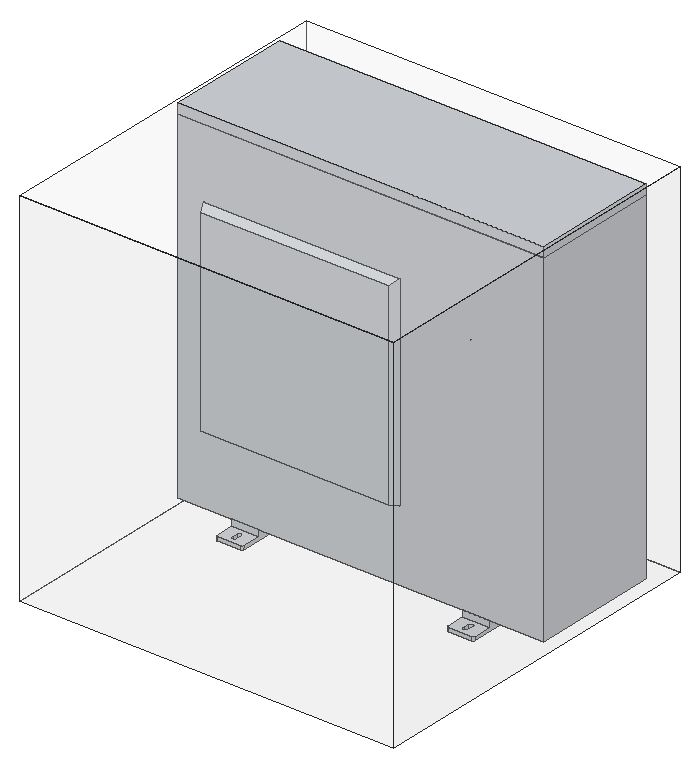
Revit family "puz-zrmp80(s)ha_280ka11_50Hz", category 機械設備, Revit 2019
Family settings
  丸型コネクタ寸法 = 直径を使用
  パーツ タイプ = 標準
  OmniClass 番号 = 23.75.10.24.21.27.27
  OmniClass タイトル = Split System Air Conditioning Units
  作業面ベース = いいえ
  常に垂直 = はい
  ロード時にボイドで切り取り = いいえ
  共有 = いいえ
  部屋計算ポイント = いいえ
Parameters (values of type "PUZ-ZRMP80HA11")
  音響パワーレベル（冷）(dB) = 66
  音響パワーレベル(dB) = 68
  電源種別 = ""
  電源位置Y = 2 mm
  電源位置Z = 669 mm
  電源位置X = 275 mm
  電圧 = 200 V
  電動機出力_送風機 = 0.06 kW
  電動機出力_圧縮機 = 1.6 kW
  集中コントローラ [instance] = ""
  運転質量 = 0.00 kg
  運転方法 = "冷暖切替"
  質量 = if(製品質量 > 運転質量, 製品質量, 運転質量) * 1.2  # 79.20 kg
  負荷分類 = 1_熱源類
  説明 = "空冷H/P PAC インバータ室外機"
  設計暖房能力 [instance] = 0 kW
  設計冷房能力_顕熱 [instance] = 0 kW
  設計冷房能力 [instance] = 0 kW
  設置方法 = "床置形"
  記号 [instance] = ""
  製造元 = "三菱電機株式会社"
  製品質量 = 66.00 kg
  製品出荷対象 = "国内"
  製品リリース年月 = "2021年5月10日"
  製品グループ = ""
  系統 [instance] = ""
  符号 = "PAC"
  積算_科目 = "1 空気調和設備"
  積算_拾い区分 [instance] = ""
  相 = 3
  盤記号 [instance] = ""
  発停方法 = "付属スイッチ"
  特殊仕様 [instance] = ""
  消費電力_暖房 = 1.76 kW
  消費電力_冷房 = 1.68 kW
  消費電力 = if(消費電力_冷房 > 消費電力_暖房, 消費電力_冷房, 消費電力_暖房)  # 1.76 kW
  法定耐用年数 = "6"
  構成品番 = "PUZ-ZRMP80HA"
  極数 = 3
  材質 [instance] = ""
  本体マテリアル = none
  最小電線太さ_mm2 = 1.6
  最大電流値 = 0 A
  暖房能力 = 8 kW
  推奨ブレーカー容量 = 20 A
  据付ピッチ1 = 0 mm
  形式 = "パッケージ形 室外機"
  形名 = PUZ-ZRMP-2 : PUZ-ZRMP-2
  幹線記号 [instance] = ""
  始動方式 = "インバータ始動方式"
  呼称 = "パッケージ形空気調和機_室外機"
  周波数 = 50 Hz
  価格 = 726000
  ドレン　位置Z = 23 mm
  ドレン　位置Y = 111 mm
  ドレン　位置X = 30 mm
  アンカーボルト位置Y = 370 mm
  アンカーボルト位置X = 600 mm
  参照している仕様書等のバージョン = "公共建築物標準仕様書（機械設備工事編）平成31年度版"
  分類コード = "50053003126100"
  分類グループ = ""
  冷房能力 = 7.1 kW
  冷媒管（ガス）位置X = 434 mm
  冷媒管（液）位置X = 377 mm
  冷媒管（液）位置Y = 290 mm
  冷媒管（ガス）位置Y = 229 mm
  冷媒管長 [instance] = 0 mm
  冷媒管径符号 = "Bd"
  冷媒管径 = 100.00 mm
  冷媒管位置Z = 447 mm
  冷媒管位置Y = (冷媒管（液）位置Y + 冷媒管（ガス）位置Y) / 2  # 259.5 mm
  冷媒管位置X = (冷媒管（液）位置X + 冷媒管（ガス）位置X) / 2  # 405.5 mm
  冷媒液管径 = 9.52 mm
  冷媒ガス管径 = 15.88 mm
  企業コード = "108420"
  付属品 [instance] = ""
  仕様書バージョン = "Version1.0"
  ユニット数 = 1
  ユニット3 = yes
  ユニット2 = yes
  Model = ""
  ドレン管径 = 33.00 mm
  サービススペース = yes
  コメント [instance] = ""
  ケーブル種類1 = ""
  Width = 950 mm
  Version = ""
  Uniclass2015Version = "Systems v1.9"
  Uniclass2015Title = "Split coil remote air cooled condensing units"
  Uniclass2015Code = "Pr_70_65_03_84"
  URL = "https://www.mitsubishielectric.co.jp/ldg/wink/ssl/displayProduct.do?pid=311413"
  SpecificationReference = ""
  SpecificationDescription = ""
  Revision = ""
  ProductInformation = ""
  OmniClassCode = "23-33 17 13 11"
  IfcTypeProduct = ""
  IfcProduct = ""
  IfcExportType = "AIRCONDITIONINGUNIT"
  IfcExportAs = "IfcUnitaryEquipmentType"
  Height = 943 mm
  Depth = 330 mm
  Clearance Top = 0 mm
  Clearance Right = 10 mm
  Clearance Left = 10 mm
  Clearance Front = 500 mm
  Clearance Bottom = 0 mm
  Clearance Back = 100 mm
  COP = 0
  Author = "三菱電機株式会社"
  APF = 0
Reference planes
  plane 1 "中心(正面/背面)": y = 74
  plane 2: z = 0
  plane 3 "中心(左/右)": x = 830
  plane 4 "右": x = 1305
  plane 5 "左": x = 355
  plane 6 "背面": y = 239
  plane 7 "正面": y = -91
  plane 8 "上部": z = 943
  plane 9 "Clearanse Top": z = 943
  plane 10 "SS_back": y = 339
  plane 11 "SS_front": y = -591
  plane 12 "SS_left": x = 345
  plane 13 "SS_right": x = 1315
  plane 14: z = 0
  plane 15: y = -89
  plane 16: x = 1105
  plane 17: z = 669
  plane 18: y = -87
  plane 19: y = -20.5
  plane 20: x = 1235.5
  plane 21: z = 447
  plane 22: z = 449
  plane 23: y = 128
  plane 24: x = 385
  plane 25: z = 25
  plane 26: z = 23
  plane 27: x = 530
  plane 28: x = 1130
  plane 29: y = 259
  plane 30: y = -111
Forms (mm)
  Extrusion 1, solid, detail levels fine
    sketch origin (0, -91, 0) x (1, 0, 0) y (0, 0, 1)
      loop
        circle (1105, 669) r 13.5
    from -4 to -2
  Extrusion 2, solid, detail levels fine
    sketch origin (-1437.329, -1524, 54) x (-1, 0, 0) y (0, -1, 0)
      loop
        circle (-2672.829, -1503.5) r 50
    from 393 to 395
  Extrusion 3, solid, detail levels fine
    sketch origin (-1437.329, -1524, 54) x (-1, 0, 0) y (0, -1, 0)
      loop
        circle (-1822.329, -1652) r 16.5
    from -31 to -29
Lines and regions (mm)
  model lines, not visible
    curve 1: line (460, 178.667, 1289.179) -> (460, 297.73, 1289.179)
    curve 2: line (460, 178.667, 1056.056) -> (460, 178.667, 1289.179)
    curve 3: line (460, 297.73, 1056.056) -> (460, 178.667, 1056.056)
    curve 4: line (460, 297.73, 1289.179) -> (460, 297.73, 1056.056)
    curve 5: line (460, 47.598, 1289.179) -> (460, 166.661, 1289.179)
    curve 6: line (460, 47.598, 1056.056) -> (460, 47.598, 1289.179)
    curve 7: line (460, 166.661, 1056.056) -> (460, 47.598, 1056.056)
    curve 8: line (460, 166.661, 1289.179) -> (460, 166.661, 1056.056)
    curve 9: line (460, -83.471, 1289.179) -> (460, 35.592, 1289.179)
    curve 10: line (460, -83.471, 1056.056) -> (460, -83.471, 1289.179)
    curve 11: line (460, 35.592, 1056.056) -> (460, -83.471, 1056.056)
    curve 12: line (460, 35.592, 1289.179) -> (460, 35.592, 1056.056)
    curve 13: line (460, -150.779, 1289.179) -> (460, -95.75, 1289.179)
    curve 14: line (460, -150.779, 1056.056) -> (460, -150.779, 1289.179)
    curve 15: line (460, -95.75, 1056.056) -> (460, -150.779, 1056.056)
    curve 16: line (460, -95.75, 1289.179) -> (460, -95.75, 1056.056)
    curve 17: line (460, -150.779, 1283.175) -> (460, -132.596, 1283.175)
    curve 18: line (460, -150.779, 1062.059) -> (460, -150.779, 1283.175)
    curve 19: line (460, -132.596, 1062.059) -> (460, -150.779, 1062.059)
    curve 20: line (460, -132.596, 1283.175) -> (460, -132.596, 1062.059)
    curve 21: line (460, 178.667, 1046.051) -> (460, 297.73, 1046.051)
    curve 22: line (460, 178.667, 812.928) -> (460, 178.667, 1046.051)
    curve 23: line (460, 297.73, 812.928) -> (460, 178.667, 812.928)
    curve 24: line (460, 297.73, 1046.051) -> (460, 297.73, 812.928)
    curve 25: line (460, 47.598, 1046.051) -> (460, 166.661, 1046.051)
    curve 26: line (460, 47.598, 812.928) -> (460, 47.598, 1046.051)
    curve 27: line (460, 166.661, 812.928) -> (460, 47.598, 812.928)
    curve 28: line (460, 166.661, 1046.051) -> (460, 166.661, 812.928)
    curve 29: line (460, -83.471, 1046.051) -> (460, 35.592, 1046.051)
    curve 30: line (460, -83.471, 812.928) -> (460, -83.471, 1046.051)
    curve 31: line (460, 35.592, 812.928) -> (460, -83.471, 812.928)
    curve 32: line (460, 35.592, 1046.051) -> (460, 35.592, 812.928)
    curve 33: line (460, -150.779, 1046.051) -> (460, -95.75, 1046.051)
    curve 34: line (460, -150.779, 812.928) -> (460, -150.779, 1046.051)
    curve 35: line (460, -95.75, 812.928) -> (460, -150.779, 812.928)
    curve 36: line (460, -95.75, 1046.051) -> (460, -95.75, 812.928)
    curve 37: line (460, -150.779, 1040.048) -> (460, -132.596, 1040.048)
    curve 38: line (460, -150.779, 818.931) -> (460, -150.779, 1040.048)
    curve 39: line (460, -132.596, 818.931) -> (460, -150.779, 818.931)
    curve 40: line (460, -132.596, 1040.048) -> (460, -132.596, 818.931)
    curve 41: line (460, 178.667, 802.923) -> (460, 297.73, 802.923)
    curve 42: line (460, 178.667, 569.8) -> (460, 178.667, 802.923)
    curve 43: line (460, 297.73, 569.8) -> (460, 178.667, 569.8)
    curve 44: line (460, 297.73, 802.923) -> (460, 297.73, 569.8)
    curve 45: line (460, 47.598, 802.923) -> (460, 166.661, 802.923)
    curve 46: line (460, 47.598, 569.8) -> (460, 47.598, 802.923)
    curve 47: line (460, 166.661, 569.8) -> (460, 47.598, 569.8)
    curve 48: line (460, 166.661, 802.923) -> (460, 166.661, 569.8)
    curve 49: line (460, -83.471, 802.923) -> (460, 35.592, 802.923)
    curve 50: line (460, -83.471, 569.8) -> (460, -83.471, 802.923)
    curve 51: line (460, 35.592, 569.8) -> (460, -83.471, 569.8)
    curve 52: line (460, 35.592, 802.923) -> (460, 35.592, 569.8)
    curve 53: line (460, -150.779, 802.923) -> (460, -95.75, 802.923)
    curve 54: line (460, -150.779, 569.8) -> (460, -150.779, 802.923)
    curve 55: line (460, -95.75, 569.8) -> (460, -150.779, 569.8)
    curve 56: line (460, -95.75, 802.923) -> (460, -95.75, 569.8)
    curve 57: line (460, -150.779, 796.92) -> (460, -132.596, 796.92)
    curve 58: line (460, -150.779, 575.803) -> (460, -150.779, 796.92)
    curve 59: line (460, -132.596, 575.803) -> (460, -150.779, 575.803)
    curve 60: line (460, -132.596, 796.92) -> (460, -132.596, 575.803)
    curve 61: line (460, 178.667, 559.795) -> (460, 297.73, 559.795)
    curve 62: line (460, 178.667, 326.672) -> (460, 178.667, 559.795)
    curve 63: line (460, 297.73, 326.672) -> (460, 178.667, 326.672)
    curve 64: line (460, 297.73, 559.795) -> (460, 297.73, 326.672)
    curve 65: line (460, 47.598, 559.795) -> (460, 166.661, 559.795)
    curve 66: line (460, 47.598, 326.672) -> (460, 47.598, 559.795)
    curve 67: line (460, 166.661, 326.672) -> (460, 47.598, 326.672)
    curve 68: line (460, 166.661, 559.795) -> (460, 166.661, 326.672)
    curve 69: line (460, -83.471, 559.795) -> (460, 35.592, 559.795)
    curve 70: line (460, -83.471, 326.672) -> (460, -83.471, 559.795)
    curve 71: line (460, 35.592, 326.672) -> (460, -83.471, 326.672)
    curve 72: line (460, 35.592, 559.795) -> (460, 35.592, 326.672)
    curve 73: line (460, -150.779, 559.795) -> (460, -95.75, 559.795)
    curve 74: line (460, -150.779, 326.672) -> (460, -150.779, 559.795)
    curve 75: line (460, -95.75, 326.672) -> (460, -150.779, 326.672)
    curve 76: line (460, -95.75, 559.795) -> (460, -95.75, 326.672)
    curve 77: line (460, -150.779, 553.792) -> (460, -132.596, 553.792)
    curve 78: line (460, -150.779, 332.675) -> (460, -150.779, 553.792)
    curve 79: line (460, -132.596, 332.675) -> (460, -150.779, 332.675)
    curve 80: line (460, -132.596, 553.792) -> (460, -132.596, 332.675)
    curve 81: line (460, 178.667, 316.667) -> (460, 297.73, 316.667)
    curve 82: line (460, 178.667, 83.544) -> (460, 178.667, 316.667)
    curve 83: line (460, 297.73, 83.544) -> (460, 178.667, 83.544)
    curve 84: line (460, 297.73, 316.667) -> (460, 297.73, 83.544)
    curve 85: line (460, 47.598, 316.667) -> (460, 166.661, 316.667)
    curve 86: line (460, 47.598, 83.544) -> (460, 47.598, 316.667)
    curve 87: line (460, 166.661, 83.544) -> (460, 47.598, 83.544)
    curve 88: line (460, 166.661, 316.667) -> (460, 166.661, 83.544)
    curve 89: line (460, -83.471, 316.667) -> (460, 35.592, 316.667)
    curve 90: line (460, -83.471, 83.544) -> (460, -83.471, 316.667)
    curve 91: line (460, 35.592, 83.544) -> (460, -83.471, 83.544)
    curve 92: line (460, 35.592, 316.667) -> (460, 35.592, 83.544)
    curve 93: line (460, -150.779, 316.667) -> (460, -95.75, 316.667)
    curve 94: line (460, -150.779, 83.544) -> (460, -150.779, 316.667)
    curve 95: line (460, -95.75, 83.544) -> (460, -150.779, 83.544)
    curve 96: line (460, -95.75, 316.667) -> (460, -95.75, 83.544)
    curve 97: line (460, -150.779, 310.664) -> (460, -132.596, 310.664)
    curve 98: line (460, -150.779, 89.547) -> (460, -150.779, 310.664)
    curve 99: line (460, -132.596, 89.547) -> (460, -150.779, 89.547)
    curve 100: line (460, -132.596, 310.664) -> (460, -132.596, 89.547)
Dimensions and locks
  equal spacing: plane 7 "正面", plane 1 "中心(正面/背面)", plane 6 "背面"
  "Depth": plane 7 "正面" to plane 6 "背面"
  "Width": plane 5 "左" to plane 4 "右"
  equal spacing: plane 5 "左", plane 3 "中心(左/右)", plane 4 "右"
  "Clearance Left": plane 12 "SS_left" to plane 5 "左"
  "Clearance Right": plane 4 "右" to plane 13 "SS_right"
  "Clearance Back": plane 6 "背面" to plane 10 "SS_back"
  "Clearance Front": plane 11 "SS_front" to plane 7 "正面"
  "Height": plane 8 "上部" to level
  "Clearance Top": plane 9 "Clearanse Top" to plane 8 "上部"
  "Clearance Bottom": level to plane 14
  "電源位置X": plane 3 "中心(左/右)" to plane 16
  "電源位置Y": plane 7 "正面" to plane 15
  "電源位置Z": plane 17 to level
  locked: plane 15 to plane 18 at 2
  "冷媒管位置X": plane 3 "中心(左/右)" to plane 20
  "冷媒管位置Y": plane 19 to plane 6 "背面"
  "冷媒管位置Z": plane 21 to level
  locked: plane 22 to plane 21 at 2
  "ドレン　位置X": plane 5 "左" to plane 24
  "ドレン　位置Y": plane 23 to plane 6 "背面"
  locked: plane 25 to plane 26 at 2
  "ドレン　位置Z": plane 26 to level
  equal spacing: plane 30, plane 1 "中心(正面/背面)", plane 29
  "アンカーボルト位置Y": plane 30 to plane 29
  equal spacing: plane 27, plane 3 "中心(左/右)", plane 28
  "アンカーボルト位置X": plane 27 to plane 28
  radius of Extrusion 1 sketch curve = 13.5 mm
  "冷媒管径": diameter of Extrusion 2 sketch curve
  "ドレン管径": diameter of Extrusion 3 sketch curve
  aligned and locked: level to plane 2
  aligned and locked: plane 10 "SS_back" to nested 1  (x2)
  aligned and locked: plane 13 "SS_right" to nested 1
  aligned and locked: plane 12 "SS_left" to nested 1  (x2)
  aligned and locked: nested 1 to plane 13 "SS_right"
  aligned and locked: plane 11 "SS_front" to nested 1
  aligned and locked: plane 9 "Clearanse Top" to nested 1
  aligned and locked: plane 1 "中心(正面/背面)" to nested 2
  aligned and locked: plane 3 "中心(左/右)" to nested 2
  aligned and locked: plane 14 to nested 1
  aligned and locked: plane 17 to Extrusion 1 sketch curve
  aligned and locked: plane 16 to Extrusion 1 sketch curve
  aligned and locked: Extrusion 1 to plane 18
  aligned and locked: plane 15 to Extrusion 1
  aligned and locked: plane 19 to Extrusion 2 sketch curve
  aligned and locked: plane 20 to Extrusion 2 sketch curve
  aligned and locked: plane 22 to Extrusion 2
  aligned and locked: Extrusion 2 to plane 21
  aligned and locked: plane 24 to Extrusion 3 sketch curve
  aligned and locked: plane 23 to Extrusion 3 sketch curve
  aligned and locked: plane 25 to Extrusion 3
  aligned and locked: Extrusion 3 to plane 26
  aligned and locked: plane 27 to nested 3
  aligned and locked: plane 29 to nested 3
Nested families
  nested 1: "サービススペース" at (830, -126, 471.5), visible <- "サービススペース", type "サービススペース"
    with Width 970 mm, Height 943 mm, Depth 930 mm
  nested 2: "PUZ-ZRMP-2" at (830, 74, 0), type <- "形名", type "PUZ-ZRMP-2"
  nested 3: "固定点" at (530, -111, 0), type "固定点"
    with W 600 mm, D 370 mm
Connectors
  piping at (1235.5, -20.5, 447), diameter 100, driven by "冷媒管径", driven by "冷媒管径符号"
    settings: on Extrusion 2, index 1, connector inside diameter 609.60 mm, connector length 0 mm, flow factor 0, pipe flow 0.0 L/s, pressure drop 0.0 Pa, fitting loss kfactor 0, connector angle 0.00°, fixture units 0, engagement length 0 mm, angle of deflection 0.00°, flow configuration 1, flow direction 2, fitting loss method 4, system type 7, joint type 0, gender type 0, connector reference index -1, connector utility 0, adjustable connector no, is connector primary yes, connector description "Bd"
  electrical at (1105, -89, 669), driven by "極数", driven by "負荷分類", driven by "電圧", driven by "消費電力"
    settings: on Extrusion 1, index 2, voltage 200 V, apparent load 1760 VA, apparent load phase1 0 VA, apparent load phase2 0 VA, apparent load phase3 0 VA, power factor 1, load classification "1_熱源類", number of poles 3, system type 30, power factor state 1, is connector primary yes, connector utility no, sub classification motor no, connector description ""
Definition of nested family "サービススペース"
  Parameters (values of type "サービススペース")
    Width [instance] = 500 mm
    Height [instance] = 500 mm
    Depth [instance] = 500 mm
  Reference planes
    plane 1 "中心(正面/背面)": y = 0
    plane 2: z = 0
    plane 3 "中心(左/右)": x = 0
    plane 4: y = -250
    plane 5: x = 250
    plane 6: y = 250
    plane 7: x = -250
    plane 8: z = 250
    plane 9: z = -250
  Forms (mm)
    Extrusion 1, solid
      sketch origin (-638.939, 0, 72.39) x (1, 0, 0) y (0, 1, 0)
        loop
          line (388.939, 250) -> (388.939, -250) -> (888.939, -250) -> (888.939, 250) -> (388.939, 250)
      from -322.39 to 177.61
  Lines and regions (mm)
    symbolic lines
      curve 1: line (-250, 0, 250) -> (250, 0, 250)
      curve 2: line (-250, 0, -250) -> (-250, 0, 250)
      curve 3: line (250, 0, -250) -> (-250, 0, -250)
      curve 4: line (250, 0, 250) -> (250, 0, -250)
      curve 5: line (0, -250, 250) -> (0, 250, 250)
      curve 6: line (0, -250, -250) -> (0, -250, 250)
      curve 7: line (0, 250, -250) -> (0, -250, -250)
      curve 8: line (0, 250, 250) -> (0, 250, -250)
      curve 9: line (-250, 250, 0) -> (250, 250, 0)
      curve 10: line (-250, -250, 0) -> (-250, 250, 0)
      curve 11: line (250, -250, 0) -> (-250, -250, 0)
      curve 12: line (250, 250, 0) -> (250, -250, 0)
  Dimensions and locks
    equal spacing: plane 7, plane 3 "中心(左/右)", plane 5
    equal spacing: plane 4, plane 1 "中心(正面/背面)", plane 6
    "Depth": plane 4 to plane 6
    "Width": plane 7 to plane 5
    equal spacing: plane 8, plane 2, plane 9
    "Height": plane 8 to plane 9
    aligned and locked: plane 9 to curve 3
    aligned and locked: plane 7 to curve 2
    aligned and locked: curve 4 to plane 5
    aligned and locked: plane 5 to Extrusion 1
    aligned and locked: Extrusion 1 to plane 7
    aligned and locked: Extrusion 1 to plane 9
    aligned and locked: plane 8 to Extrusion 1
    aligned and locked: plane 9 to curve 7
  Automatic sketch dimensions
    plane 4 to Extrusion 1 sketch curve = 0 mm
    Extrusion 1 sketch curve to plane 7 = 0 mm
    Extrusion 1 sketch curve to plane 5 = 0 mm
    plane 6 to Extrusion 1 sketch curve = 0 mm
    curve 2 to plane 8 = 0 mm
    plane 4 to curve 11 = 0 mm
    curve 11 to plane 7 = 0 mm
    curve 11 to plane 5 = 0 mm
    plane 6 to curve 10 = 0 mm
    curve 7 to plane 4 = 0 mm
    curve 7 to plane 6 = 0 mm
    curve 6 to plane 8 = 0 mm
Definition of nested family "PUZ-ZRMP-2"
  Parameters (values of type "PUZ-ZRMP-2")
    配線取出口サイズ = 27 mm
    配線取出口-Z = 669 mm
    配線取出口-Y = 325 mm
    配線取出口-X = 275 mm
    液配管サイズ = 100 mm
    高さ = 943 mm
    換気-W = 322 mm
    換気-H2 = 632 mm
    換気-H1 = 473 mm
    換気-D = 25 mm
    奥行き = 330 mm
    吊りボルト_H = 0 mm
    吊りボルト-φ = 12 mm
    冷媒配管サイズ = 9.52 mm
    冷媒液管径-Z = 447 mm
    冷媒液管径-Y = 290 mm
    冷媒液管径-X = 377 mm
    冷媒ガス管径-Z = 431 mm
    冷媒ガス管径-Y = 229 mm
    冷媒ガス管径-X = 434 mm
    吊りボルト-W = 600 mm
    マテリアル = none
    ドレン配管サイズ = 33 mm
    ドレン管径-Z = 0 mm
    ドレン管径-Y = 219 mm
    ドレン管径-X = 445 mm
    タイプ3 = no
    タイプ2 = yes
    タイプ1 = no
    ガス配管サイズ = 15.88 mm
    吊りボルト-D = 370 mm
    幅さ = 950 mm
    a = 幅さ / 2  # 475 mm
  Reference planes
    plane 1 "中心(正面/背面)": y = 0
    plane 2: z = 0
    plane 3 "中心(左/右)": x = 0
    plane 4: z = 943
    plane 5: x = -475
    plane 6: x = 475
    plane 7: y = 165
    plane 8: y = -165
    plane 9: x = 537
    plane 10: y = -105
    plane 11: y = 5
    plane 12: z = 918
    plane 13: x = -495
    plane 14: x = -300
    plane 15: x = 300
    plane 16: y = 185
    plane 17: y = -185
    plane 18: x = 335
    plane 19: x = 265
    plane 20: x = -265
    plane 21: x = -335
    plane 22: y = 204
    plane 23: y = -218
    plane 24: z = 8.5
    plane 25: z = 25
    plane 26: z = 23
    plane 27: x = -185
    plane 28: x = 170
    plane 29: z = 938
    plane 30: y = -40
    plane 31: y = 40
    plane 32: y = -30
    plane 33: y = 30
    plane 34: z = 923
    plane 35: z = 55
    plane 36: z = 225
    plane 37: z = 570
    plane 38: x = 485
    plane 39: x = 506
    plane 40: y = -190
    plane 41: x = -153
    plane 42: z = 473
    plane 43: x = 101
    plane 44: x = -407
    plane 45: z = 737
    plane 46: z = 209
    plane 47: x = -397
    plane 48: x = 91
    plane 49: z = 727
    plane 50: z = 219
    plane 51: y = 115
    plane 52: y = -115
    plane 53: y = 54
    plane 54: x = 434
    plane 55: x = 275
    plane 56: y = -160
    plane 57: y = -125
    plane 58: y = -64
    plane 59: x = 377
    plane 60: z = 431
    plane 61: z = 447
    plane 62: z = 669
    plane 63: y = -110
    plane 64: z = 531
    plane 65: z = 547
    plane 66: x = 405.5
    plane 67: y = -94.5
    plane 68 "グループ": x = -475
    plane 69: z = 1338
    plane 70: z = 943
    plane 71: z = 1105
    plane 72: z = 1369
    plane 73: z = 841
    plane 74: z = 1359
    plane 75: z = 851
    plane 76: x = -445
    plane 77: y = 135
    plane 78: x = -225
    plane 79: x = -80
    plane 80: x = 65
    plane 81: x = 210
  Forms (mm)
    Extrusion 1, solid, visible <- "タイプ2", detail levels fine
      sketch origin (-1437.329, -1524, 943) x (-1, 0, 0) y (0, -1, 0)
        loop
          line (-1102.329, -1689) -> (-1102.329, -1359) -> (-1172.329, -1359) -> (-1172.329, -1689) -> (-1102.329, -1689)
        loop
          line (-1702.329, -1689) -> (-1702.329, -1359) -> (-1772.329, -1359) -> (-1772.329, -1689) -> (-1702.329, -1689)
      from -943 to -918
    Extrusion 2, solid, material <- "マテリアル", visible <- "タイプ2", detail levels fine
      sketch origin (-1437.329, -1524, 943) x (-1, 0, 0) y (0, -1, 0)
        loop
          line (-1912.329, -1689) -> (-962.329, -1689) -> (-962.329, -1359) -> (-1912.329, -1359) -> (-1912.329, -1689)
      from -918 to -25
    Extrusion 3, solid, material <- "マテリアル", visible <- "タイプ2", detail levels fine
      sketch origin (-1437.329, -1524, 943) x (-1, 0, 0) y (0, -1, 0)
        loop
          line (-962.329, -1689) -> (-962.329, -1359) -> (-1912.329, -1359) -> (-1912.329, -1689) -> (-962.329, -1689)
      from -25 to 0
    Blend 4, solid, material <- "マテリアル", visible <- "タイプ2", detail levels fine
      base sketch origin (0, 0, 0) x (1, 0, 0) y (0, 0, 1)
        loop
          line (-407, 737) -> (-407, 209) -> (101, 209) -> (101, 737) -> (-407, 737)
      top sketch origin (0, 0, 0) x (1, 0, 0) y (0, 0, 1)
        loop
          line (-397, 727) -> (-397, 219) -> (91, 219) -> (91, 727) -> (-397, 727)
      from 165 to 190
    Extrusion 5, solid, material <- "マテリアル", visible <- "タイプ2", detail levels fine
      sketch origin (-1437.329, -1524, 943) x (-1, 0, 0) y (0, -1, 0)
        loop
          circle (-1871.329, -1460) r 7.94
      from -512 to -412
    Extrusion 6, solid, material <- "マテリアル", visible <- "タイプ2", detail levels fine
      sketch origin (-1437.329, -1524, 943) x (-1, 0, 0) y (0, -1, 0)
        loop
          circle (-1814.329, -1399) r 4.76
      from -496 to -396
    Extrusion 7, solid, material <- "マテリアル", visible <- "タイプ2", detail levels fine
      sketch origin (1480.036, -190, 1200) x (1, 0, 0) y (0, 0, 1)
        loop
          circle (-1205.036, -531) r 13.5
      from -80 to -30
    Extrusion 8, solid, material <- "マテリアル", visible <- "タイプ2", detail levels fine
      sketch origin (-1437.329, -1524, 943) x (-1, 0, 0) y (0, -1, 0)
        loop
          circle (-1842.829, -1429.5) r 50
      from -496 to -396
    Extrusion 9, solid, visible <- "タイプ2", detail levels fine
      sketch origin (-1437.329, -1524, 943) x (-1, 0, 0) y (0, -1, 0)
        loop
          line (-1102.329, -1728) -> (-1102.329, -1689) -> (-1172.329, -1689) -> (-1172.329, -1728) -> (-1143.329, -1728) -> (-1143.329, -1709)
          arc (-1143.329, -1709) -> (-1137.329, -1703) -> (-1131.329, -1709) r 6
          line (-1131.329, -1709) -> (-1131.329, -1728) -> (-1102.329, -1728)
        loop
          line (-1102.329, -1359) -> (-1102.329, -1311)
          arc (-1102.329, -1311) -> (-1103.794, -1307.464) -> (-1107.329, -1306) r 5
          line (-1107.329, -1306) -> (-1167.329, -1306)
          arc (-1167.329, -1306) -> (-1170.865, -1307.464) -> (-1172.329, -1311) r 5
          line (-1172.329, -1311) -> (-1172.329, -1359) -> (-1102.329, -1359)
        loop
          arc (-1143.329, -1339) -> (-1137.329, -1345) -> (-1131.329, -1339) r 6
          line (-1131.329, -1339) -> (-1131.329, -1324)
          arc (-1131.329, -1324) -> (-1137.329, -1318) -> (-1143.329, -1324) r 6
          line (-1143.329, -1324) -> (-1143.329, -1339)
        loop
          line (-1772.329, -1728) -> (-1743.329, -1728) -> (-1743.329, -1709)
          arc (-1743.329, -1709) -> (-1737.329, -1703) -> (-1731.329, -1709) r 6
          line (-1731.329, -1709) -> (-1731.329, -1728) -> (-1702.329, -1728) -> (-1702.329, -1689) -> (-1772.329, -1689) -> (-1772.329, -1728)
        loop
          line (-1772.329, -1359) -> (-1702.329, -1359) -> (-1702.329, -1311)
          arc (-1702.329, -1311) -> (-1703.794, -1307.464) -> (-1707.329, -1306) r 5
          line (-1707.329, -1306) -> (-1767.329, -1306)
          arc (-1767.329, -1306) -> (-1770.865, -1307.464) -> (-1772.329, -1311) r 5
          line (-1772.329, -1311) -> (-1772.329, -1359)
        loop
          line (-1731.329, -1339) -> (-1731.329, -1324)
          arc (-1731.329, -1324) -> (-1737.329, -1318) -> (-1743.329, -1324) r 6
          line (-1743.329, -1324) -> (-1743.329, -1339)
          arc (-1743.329, -1339) -> (-1737.329, -1345) -> (-1731.329, -1339) r 6
      from -943 to -934.5
    Extrusion 10, solid, material <- "マテリアル", visible <- "タイプ2", detail levels fine
      sketch origin (-1437.329, -1524, 943) x (-1, 0, 0) y (0, -1, 0)
        loop
          circle (-992.329, -1578) r 16.5
        loop
          circle (-1212.329, -1659) r 16.5
        loop
          circle (-1357.329, -1659) r 16.5
        loop
          circle (-1502.329, -1659) r 16.5
        loop
          circle (-1647.329, -1659) r 16.5
      from -920 to -918
  Cuts and joins
    joined: Extrusion 1, Extrusion 9
  Lines and regions (mm)
    Masking region 1, visible <- "タイプ2", detail levels coarse+medium
      outline origin (-1437.329, -1524, 943) x (-1, 0, 0) y (0, -1, 0)
        loop
          line (-1912.329, -1689) -> (-1772.329, -1689) -> (-1772.329, -1728) -> (-1702.329, -1728) -> (-1702.329, -1689) -> (-1172.329, -1689) -> (-1172.329, -1728) -> (-1102.329, -1728) -> (-1102.329, -1689) -> (-962.329, -1689) -> (-962.329, -1359) -> (-1030.329, -1359) -> (-1040.329, -1334) -> (-1102.329, -1334) -> (-1102.329, -1306) -> (-1172.329, -1306) -> (-1172.329, -1334) -> (-1528.329, -1334) -> (-1538.329, -1359) -> (-1702.329, -1359) -> (-1702.329, -1306) -> (-1772.329, -1306) -> (-1772.329, -1359) -> (-1912.329, -1359) -> (-1912.329, -1689)
    model lines, visible <- "タイプ2", detail levels fine
      curve 1: line (395, 115, 943) -> (-395, 115, 943)
      curve 2: line (-395, -115, 943) -> (395, -115, 943)
      curve 3: line (-395, -45, 943) -> (395, -45, 943)
      curve 4: line (395, 45, 943) -> (-395, 45, 943)
      curve 5: line (-395, -35, 943) -> (395, -35, 943)
      curve 6: line (395, 35, 943) -> (-395, 35, 943)
      curve 7: line (-395, 115, 943) -> (-395, 45, 943)
      curve 8: line (395, -115, 943) -> (395, -45, 943)
      curve 9: line (-395, 35, 943) -> (-395, -35, 943)
      curve 10: line (-395, -45, 943) -> (-395, -115, 943)
      curve 11: line (395, -35, 943) -> (395, 35, 943)
      curve 12: line (395, 45, 943) -> (395, 115, 943)
      curve 13: line (425, -115, 943) -> (425, 115, 943)
      curve 14: line (410, -115, 943) -> (410, 115, 943)
      curve 15: line (-425, 115, 943) -> (-425, -115, 943)
      curve 16: line (-410, 115, 943) -> (-410, -115, 943)
      curve 17: line (-410, 115, 943) -> (-425, 115, 943)
      curve 18: line (-410, -115, 943) -> (-425, -115, 943)
      curve 19: line (410, 115, 943) -> (425, 115, 943)
      curve 20: line (410, -115, 943) -> (425, -115, 943)
      curve 21: line (-397, -190, 520.5) -> (91, -190, 520.5)
      curve 22: line (91, -190, 425.5) -> (-397, -190, 425.5)
      curve 23: line (-397, -190, 615.5) -> (91, -190, 615.5)
      curve 24: line (-397, -190, 710.5) -> (91, -190, 710.5)
      curve 25: line (91, -190, 330.5) -> (-397, -190, 330.5)
      curve 26: line (91, -190, 235.5) -> (-397, -190, 235.5)
      curve 27: line (-379.571, -190, 727) -> (-379.571, -190, 219)
      curve 28: line (73.571, -190, 219) -> (73.571, -190, 727)
      curve 29: line (-362.143, -190, 727) -> (-362.143, -190, 219)
      curve 30: line (-344.714, -190, 727) -> (-344.714, -190, 219)
      curve 31: line (-327.286, -190, 727) -> (-327.286, -190, 219)
      curve 32: line (-309.857, -190, 727) -> (-309.857, -190, 219)
      curve 33: line (-292.429, -190, 727) -> (-292.429, -190, 219)
      curve 34: line (-275, -190, 727) -> (-275, -190, 219)
      curve 35: line (-257.571, -190, 727) -> (-257.571, -190, 219)
      curve 36: line (-240.143, -190, 727) -> (-240.143, -190, 219)
      curve 37: line (-222.714, -190, 727) -> (-222.714, -190, 219)
      curve 38: line (-205.286, -190, 727) -> (-205.286, -190, 219)
      curve 39: line (-187.857, -190, 727) -> (-187.857, -190, 219)
      curve 40: line (-170.429, -190, 727) -> (-170.429, -190, 219)
      curve 41: line (-153, -190, 727) -> (-153, -190, 219)
      curve 42: line (-135.571, -190, 727) -> (-135.571, -190, 219)
      curve 43: line (-118.143, -190, 727) -> (-118.143, -190, 219)
      curve 44: line (-100.714, -190, 727) -> (-100.714, -190, 219)
      curve 45: line (-83.286, -190, 727) -> (-83.286, -190, 219)
      curve 46: line (-65.857, -190, 727) -> (-65.857, -190, 219)
      curve 47: line (-48.429, -190, 727) -> (-48.429, -190, 219)
      curve 48: line (-31, -190, 727) -> (-31, -190, 219)
      curve 49: line (-13.571, -190, 727) -> (-13.571, -190, 219)
      curve 50: line (3.857, -190, 727) -> (3.857, -190, 219)
      curve 51: line (21.286, -190, 727) -> (21.286, -190, 219)
      curve 52: line (38.714, -190, 727) -> (38.714, -190, 219)
      curve 53: line (56.143, -190, 727) -> (56.143, -190, 219)
      curve 54: line (-475, -100, 33.5) -> (-475, -60, 33.5)
      curve 55: line (-475, -100, 73.5) -> (-475, -100, 33.5)
      curve 56: line (-475, -60, 73.5) -> (-475, -100, 73.5)
      curve 57: line (-475, -60, 33.5) -> (-475, -60, 73.5)
      curve 58: line (-475, 60, 33.5) -> (-475, 100, 33.5)
      curve 59: line (-475, 60, 73.5) -> (-475, 60, 33.5)
      curve 60: line (-475, 100, 73.5) -> (-475, 60, 73.5)
      curve 61: line (-475, 100, 33.5) -> (-475, 100, 73.5)
      curve 62: line (-475, -46.667, 33.5) -> (-475, -6.667, 33.5)
      curve 63: line (-475, -46.667, 73.5) -> (-475, -46.667, 33.5)
      curve 64: line (-475, -6.667, 73.5) -> (-475, -46.667, 73.5)
      curve 65: line (-475, -6.667, 33.5) -> (-475, -6.667, 73.5)
      curve 66: line (-475, 6.667, 33.5) -> (-475, 46.667, 33.5)
      curve 67: line (-475, 6.667, 73.5) -> (-475, 6.667, 33.5)
      curve 68: line (-475, 46.667, 73.5) -> (-475, 6.667, 73.5)
      curve 69: line (-475, 46.667, 33.5) -> (-475, 46.667, 73.5)
      curve 70: line (-475, -100, 87) -> (-475, -60, 87)
      curve 71: line (-475, -100, 277) -> (-475, -100, 87)
      curve 72: line (-475, -60, 277) -> (-475, -100, 277)
      curve 73: line (-475, -60, 87) -> (-475, -60, 277)
      curve 74: line (-475, -100, 292) -> (-475, -60, 292)
      curve 75: line (-475, -100, 482) -> (-475, -100, 292)
      curve 76: line (-475, -60, 482) -> (-475, -100, 482)
      curve 77: line (-475, -60, 292) -> (-475, -60, 482)
      curve 78: line (-475, -100, 497) -> (-475, -60, 497)
      curve 79: line (-475, -100, 687) -> (-475, -100, 497)
      curve 80: line (-475, -60, 687) -> (-475, -100, 687)
      curve 81: line (-475, -60, 497) -> (-475, -60, 687)
      curve 82: line (-475, -100, 702) -> (-475, -60, 702)
      curve 83: line (-475, -100, 892) -> (-475, -100, 702)
      curve 84: line (-475, -60, 892) -> (-475, -100, 892)
      curve 85: line (-475, -60, 702) -> (-475, -60, 892)
      curve 86: line (-475, 60, 87) -> (-475, 100, 87)
      curve 87: line (-475, 60, 277) -> (-475, 60, 87)
      curve 88: line (-475, 100, 277) -> (-475, 60, 277)
      curve 89: line (-475, 100, 87) -> (-475, 100, 277)
      curve 90: line (-475, -46.667, 87) -> (-475, -6.667, 87)
      curve 91: line (-475, -46.667, 277) -> (-475, -46.667, 87)
      curve 92: line (-475, -6.667, 277) -> (-475, -46.667, 277)
      curve 93: line (-475, -6.667, 87) -> (-475, -6.667, 277)
      curve 94: line (-475, 6.667, 87) -> (-475, 46.667, 87)
      curve 95: line (-475, 6.667, 277) -> (-475, 6.667, 87)
      curve 96: line (-475, 46.667, 277) -> (-475, 6.667, 277)
      curve 97: line (-475, 46.667, 87) -> (-475, 46.667, 277)
      curve 98: line (-475, 60, 292) -> (-475, 100, 292)
      curve 99: line (-475, 60, 482) -> (-475, 60, 292)
      curve 100: line (-475, 100, 482) -> (-475, 60, 482)
      curve 101: line (-475, 100, 292) -> (-475, 100, 482)
      curve 102: line (-475, 60, 702) -> (-475, 100, 702)
      curve 103: line (-475, 60, 892) -> (-475, 60, 702)
      curve 104: line (-475, 100, 892) -> (-475, 60, 892)
      curve 105: line (-475, 100, 702) -> (-475, 100, 892)
      curve 106: line (-475, -46.667, 292) -> (-475, -6.667, 292)
      curve 107: line (-475, -46.667, 482) -> (-475, -46.667, 292)
      curve 108: line (-475, -6.667, 482) -> (-475, -46.667, 482)
      curve 109: line (-475, -6.667, 292) -> (-475, -6.667, 482)
      curve 110: line (-475, -46.667, 497) -> (-475, -6.667, 497)
      curve 111: line (-475, -46.667, 687) -> (-475, -46.667, 497)
      curve 112: line (-475, -6.667, 687) -> (-475, -46.667, 687)
      curve 113: line (-475, -6.667, 497) -> (-475, -6.667, 687)
      curve 114: line (-475, -46.667, 702) -> (-475, -6.667, 702)
      curve 115: line (-475, -46.667, 892) -> (-475, -46.667, 702)
      curve 116: line (-475, -6.667, 892) -> (-475, -46.667, 892)
      curve 117: line (-475, -6.667, 702) -> (-475, -6.667, 892)
      curve 118: line (-475, 6.667, 292) -> (-475, 46.667, 292)
      curve 119: line (-475, 6.667, 482) -> (-475, 6.667, 292)
      curve 120: line (-475, 46.667, 482) -> (-475, 6.667, 482)
      curve 121: line (-475, 46.667, 292) -> (-475, 46.667, 482)
      curve 122: line (-475, 6.667, 497) -> (-475, 46.667, 497)
      curve 123: line (-475, 6.667, 687) -> (-475, 6.667, 497)
      curve 124: line (-475, 46.667, 687) -> (-475, 6.667, 687)
      curve 125: line (-475, 46.667, 497) -> (-475, 46.667, 687)
      curve 126: line (-475, 6.667, 702) -> (-475, 46.667, 702)
      curve 127: line (-475, 6.667, 892) -> (-475, 6.667, 702)
      curve 128: line (-475, 46.667, 892) -> (-475, 6.667, 892)
      curve 129: line (-475, 46.667, 702) -> (-475, 46.667, 892)
    model lines, visible <- "タイプ3", not visible
      curve 130: line (-404.5, -100, 907) -> (-404.5, -60, 907)
      curve 131: line (-404.5, -100, 1097) -> (-404.5, -100, 907)
      curve 132: line (-404.5, -60, 1097) -> (-404.5, -100, 1097)
      curve 133: line (-404.5, -60, 907) -> (-404.5, -60, 1097)
      curve 134: line (-404.5, 60, 907) -> (-404.5, 100, 907)
      curve 135: line (-404.5, 60, 1097) -> (-404.5, 60, 907)
      curve 136: line (-404.5, 100, 1097) -> (-404.5, 60, 1097)
      curve 137: line (-404.5, 100, 907) -> (-404.5, 100, 1097)
      curve 138: line (-404.5, -46.667, 907) -> (-404.5, -6.667, 907)
      curve 139: line (-404.5, -46.667, 1097) -> (-404.5, -46.667, 907)
      curve 140: line (-404.5, -6.667, 1097) -> (-404.5, -46.667, 1097)
      curve 141: line (-404.5, -6.667, 907) -> (-404.5, -6.667, 1097)
      curve 142: line (-404.5, 6.667, 907) -> (-404.5, 46.667, 907)
      curve 143: line (-404.5, 6.667, 1097) -> (-404.5, 6.667, 907)
      curve 144: line (-404.5, 46.667, 1097) -> (-404.5, 6.667, 1097)
      curve 145: line (-404.5, 46.667, 907) -> (-404.5, 46.667, 1097)
      curve 146: line (-404.5, -100, 1112) -> (-404.5, -60, 1112)
      curve 147: line (-404.5, -100, 1302) -> (-404.5, -100, 1112)
      curve 148: line (-404.5, -60, 1302) -> (-404.5, -100, 1302)
      curve 149: line (-404.5, -60, 1112) -> (-404.5, -60, 1302)
      curve 150: line (-404.5, 60, 1112) -> (-404.5, 100, 1112)
      curve 151: line (-404.5, 60, 1302) -> (-404.5, 60, 1112)
      curve 152: line (-404.5, 100, 1302) -> (-404.5, 60, 1302)
      curve 153: line (-404.5, 100, 1112) -> (-404.5, 100, 1302)
      curve 154: line (-404.5, -46.667, 1112) -> (-404.5, -6.667, 1112)
      curve 155: line (-404.5, -46.667, 1302) -> (-404.5, -46.667, 1112)
      curve 156: line (-404.5, -6.667, 1302) -> (-404.5, -46.667, 1302)
      curve 157: line (-404.5, -6.667, 1112) -> (-404.5, -6.667, 1302)
      curve 158: line (-404.5, 6.667, 1112) -> (-404.5, 46.667, 1112)
      curve 159: line (-404.5, 6.667, 1302) -> (-404.5, 6.667, 1112)
      curve 160: line (-404.5, 46.667, 1302) -> (-404.5, 6.667, 1302)
      curve 161: line (-404.5, 46.667, 1112) -> (-404.5, 46.667, 1302)
    model lines, visible <- "タイプ2", not visible
      curve 162: line (-600, -100, 33.5) -> (-600, -60, 33.5)
      curve 163: line (-600, -100, 73.5) -> (-600, -100, 33.5)
      curve 164: line (-600, -60, 73.5) -> (-600, -100, 73.5)
      curve 165: line (-600, -60, 33.5) -> (-600, -60, 73.5)
      curve 166: line (-600, 60, 33.5) -> (-600, 100, 33.5)
      curve 167: line (-600, 60, 73.5) -> (-600, 60, 33.5)
      curve 168: line (-600, 100, 73.5) -> (-600, 60, 73.5)
      curve 169: line (-600, 100, 33.5) -> (-600, 100, 73.5)
      curve 170: line (-509, -46.667, 33.5) -> (-509, -6.667, 33.5)
      curve 171: line (-509, -46.667, 73.5) -> (-509, -46.667, 33.5)
      curve 172: line (-509, -6.667, 73.5) -> (-509, -46.667, 73.5)
      curve 173: line (-509, -6.667, 33.5) -> (-509, -6.667, 73.5)
      curve 174: line (-509, 6.667, 33.5) -> (-509, 46.667, 33.5)
      curve 175: line (-509, 6.667, 73.5) -> (-509, 6.667, 33.5)
      curve 176: line (-509, 46.667, 73.5) -> (-509, 6.667, 73.5)
      curve 177: line (-509, 46.667, 33.5) -> (-509, 46.667, 73.5)
    model lines, visible <- "タイプ2", not visible, detail levels fine
      curve 178: line (-475, -100, 87) -> (-475, -60, 87)
      curve 179: line (-475, -100, 277) -> (-475, -100, 87)
      curve 180: line (-475, -60, 277) -> (-475, -100, 277)
      curve 181: line (-475, -60, 87) -> (-475, -60, 277)
      curve 182: line (-475, -100, 292) -> (-475, -60, 292)
      curve 183: line (-475, -100, 482) -> (-475, -100, 292)
      curve 184: line (-475, -60, 482) -> (-475, -100, 482)
      curve 185: line (-475, -60, 292) -> (-475, -60, 482)
      curve 186: line (-475, -100, 497) -> (-475, -60, 497)
      curve 187: line (-475, -100, 687) -> (-475, -100, 497)
      curve 188: line (-475, -60, 687) -> (-475, -100, 687)
      curve 189: line (-475, -60, 497) -> (-475, -60, 687)
      curve 190: line (-475, -100, 702) -> (-475, -60, 702)
      curve 191: line (-475, -100, 892) -> (-475, -100, 702)
      curve 192: line (-475, -60, 892) -> (-475, -100, 892)
      curve 193: line (-475, -60, 702) -> (-475, -60, 892)
      curve 194: line (-475, 60, 87) -> (-475, 100, 87)
      curve 195: line (-475, 60, 277) -> (-475, 60, 87)
      curve 196: line (-475, 100, 277) -> (-475, 60, 277)
      curve 197: line (-475, 100, 87) -> (-475, 100, 277)
      curve 198: line (-475, -46.667, 87) -> (-475, -6.667, 87)
      curve 199: line (-475, -46.667, 277) -> (-475, -46.667, 87)
      curve 200: line (-475, -6.667, 277) -> (-475, -46.667, 277)
      curve 201: line (-475, -6.667, 87) -> (-475, -6.667, 277)
      curve 202: line (-475, 6.667, 87) -> (-475, 46.667, 87)
      curve 203: line (-475, 6.667, 277) -> (-475, 6.667, 87)
      curve 204: line (-475, 46.667, 277) -> (-475, 6.667, 277)
      curve 205: line (-475, 46.667, 87) -> (-475, 46.667, 277)
      curve 206: line (-475, 60, 292) -> (-475, 100, 292)
      curve 207: line (-475, 60, 482) -> (-475, 60, 292)
      curve 208: line (-475, 100, 482) -> (-475, 60, 482)
      curve 209: line (-475, 100, 292) -> (-475, 100, 482)
      curve 210: line (-475, 60, 702) -> (-475, 100, 702)
      curve 211: line (-475, 60, 892) -> (-475, 60, 702)
      curve 212: line (-475, 100, 892) -> (-475, 60, 892)
      curve 213: line (-475, 100, 702) -> (-475, 100, 892)
      curve 214: line (-475, -46.667, 292) -> (-475, -6.667, 292)
      curve 215: line (-475, -46.667, 482) -> (-475, -46.667, 292)
      curve 216: line (-475, -6.667, 482) -> (-475, -46.667, 482)
      curve 217: line (-475, -6.667, 292) -> (-475, -6.667, 482)
      curve 218: line (-475, -46.667, 497) -> (-475, -6.667, 497)
      curve 219: line (-475, -46.667, 687) -> (-475, -46.667, 497)
      curve 220: line (-475, -6.667, 687) -> (-475, -46.667, 687)
      curve 221: line (-475, -6.667, 497) -> (-475, -6.667, 687)
      curve 222: line (-475, -46.667, 702) -> (-475, -6.667, 702)
      curve 223: line (-475, -46.667, 892) -> (-475, -46.667, 702)
      curve 224: line (-475, -6.667, 892) -> (-475, -46.667, 892)
      curve 225: line (-475, -6.667, 702) -> (-475, -6.667, 892)
      curve 226: line (-475, 6.667, 292) -> (-475, 46.667, 292)
      curve 227: line (-475, 6.667, 482) -> (-475, 6.667, 292)
      curve 228: line (-475, 46.667, 482) -> (-475, 6.667, 482)
      curve 229: line (-475, 46.667, 292) -> (-475, 46.667, 482)
      curve 230: line (-475, 6.667, 497) -> (-475, 46.667, 497)
      curve 231: line (-475, 6.667, 687) -> (-475, 6.667, 497)
      curve 232: line (-475, 46.667, 687) -> (-475, 6.667, 687)
      curve 233: line (-475, 46.667, 497) -> (-475, 46.667, 687)
      curve 234: line (-475, 6.667, 702) -> (-475, 46.667, 702)
      curve 235: line (-475, 6.667, 892) -> (-475, 6.667, 702)
      curve 236: line (-475, 46.667, 892) -> (-475, 6.667, 892)
      curve 237: line (-475, 46.667, 702) -> (-475, 46.667, 892)
      curve 271: line (-475, -100, 33.5) -> (-475, -60, 33.5)
      curve 272: line (-475, -100, 73.5) -> (-475, -100, 33.5)
      curve 273: line (-475, -60, 73.5) -> (-475, -100, 73.5)
      curve 274: line (-475, -60, 33.5) -> (-475, -60, 73.5)
      curve 275: line (-475, 60, 33.5) -> (-475, 100, 33.5)
      curve 276: line (-475, 60, 73.5) -> (-475, 60, 33.5)
      curve 277: line (-475, 100, 73.5) -> (-475, 60, 73.5)
      curve 278: line (-475, 100, 33.5) -> (-475, 100, 73.5)
      curve 279: line (-475, -46.667, 33.5) -> (-475, -6.667, 33.5)
      curve 280: line (-475, -46.667, 73.5) -> (-475, -46.667, 33.5)
      curve 281: line (-475, -6.667, 73.5) -> (-475, -46.667, 73.5)
      curve 282: line (-475, -6.667, 33.5) -> (-475, -6.667, 73.5)
      curve 283: line (-475, 6.667, 33.5) -> (-475, 46.667, 33.5)
      curve 284: line (-475, 6.667, 73.5) -> (-475, 6.667, 33.5)
      curve 285: line (-475, 46.667, 73.5) -> (-475, 6.667, 73.5)
      curve 286: line (-475, 46.667, 33.5) -> (-475, 46.667, 73.5)
    model lines, not visible
      curve 238: line (-338.5, -173.2, 372.5) -> (149.5, -173.2, 372.5)
      curve 239: line (149.5, -173.2, 277.5) -> (-338.5, -173.2, 277.5)
      curve 240: line (-338.5, -173.2, 467.5) -> (149.5, -173.2, 467.5)
      curve 241: line (-338.5, -173.2, 562.5) -> (149.5, -173.2, 562.5)
      curve 242: line (149.5, -173.2, 182.5) -> (-338.5, -173.2, 182.5)
      curve 243: line (149.5, -173.2, 87.5) -> (-338.5, -173.2, 87.5)
      curve 244: line (-321.071, -173.2, 579) -> (-321.071, -173.2, 71)
      curve 245: line (132.071, -173.2, 71) -> (132.071, -173.2, 579)
      curve 246: line (-303.643, -173.2, 579) -> (-303.643, -173.2, 71)
      curve 247: line (-286.214, -173.2, 579) -> (-286.214, -173.2, 71)
      curve 248: line (-268.786, -173.2, 579) -> (-268.786, -173.2, 71)
      curve 249: line (-251.357, -173.2, 579) -> (-251.357, -173.2, 71)
      curve 250: line (-233.929, -173.2, 579) -> (-233.929, -173.2, 71)
      curve 251: line (-216.5, -173.2, 579) -> (-216.5, -173.2, 71)
      curve 252: line (-199.071, -173.2, 579) -> (-199.071, -173.2, 71)
      curve 253: line (-181.643, -173.2, 579) -> (-181.643, -173.2, 71)
      curve 254: line (-164.214, -173.2, 579) -> (-164.214, -173.2, 71)
      curve 255: line (-146.786, -173.2, 579) -> (-146.786, -173.2, 71)
      curve 256: line (-129.357, -173.2, 579) -> (-129.357, -173.2, 71)
      curve 257: line (-111.929, -173.2, 579) -> (-111.929, -173.2, 71)
      curve 258: line (-94.5, -173.2, 579) -> (-94.5, -173.2, 71)
      curve 259: line (-77.071, -173.2, 579) -> (-77.071, -173.2, 71)
      curve 260: line (-59.643, -173.2, 579) -> (-59.643, -173.2, 71)
      curve 261: line (-42.214, -173.2, 579) -> (-42.214, -173.2, 71)
      curve 262: line (-24.786, -173.2, 579) -> (-24.786, -173.2, 71)
      curve 263: line (-7.357, -173.2, 579) -> (-7.357, -173.2, 71)
      curve 264: line (10.071, -173.2, 579) -> (10.071, -173.2, 71)
      curve 265: line (27.5, -173.2, 579) -> (27.5, -173.2, 71)
      curve 266: line (44.929, -173.2, 579) -> (44.929, -173.2, 71)
      curve 267: line (62.357, -173.2, 579) -> (62.357, -173.2, 71)
      curve 268: line (79.786, -173.2, 579) -> (79.786, -173.2, 71)
      curve 269: line (97.214, -173.2, 579) -> (97.214, -173.2, 71)
      curve 270: line (114.643, -173.2, 579) -> (114.643, -173.2, 71)
    symbolic lines, visible <- "タイプ2"
      curve 287: line (-351.899, 165, 943) -> (-475, 165, 943)
      curve 288: line (-475, 165, 943) -> (-475, -165, 943)
      curve 289: line (-475, -165, 943) -> (-374.191, -165, 943)
      curve 290: line (-407, -165, 943) -> (-397, -190, 943)
      curve 291: line (-397, -190, 943) -> (-346.98, -190, 943)
      curve 292: line (-335, -190, 943) -> (-335, -218, 943)
      curve 293: line (-335, -218, 943) -> (-265, -218, 943)
      curve 294: line (-265, -218, 943) -> (-265, -190, 943)
      curve 295: line (-346.98, -190, 943) -> (91, -190, 943)
      curve 296: line (91, -190, 943) -> (101, -165, 943)
      curve 297: line (-374.191, -165, 943) -> (302.486, -165, 943)
      curve 298: line (265, -165, 943) -> (265, -218, 943)
      curve 299: line (265, -218, 943) -> (335, -218, 943)
      curve 300: line (335, -218, 943) -> (335, -165, 943)
      curve 301: line (302.486, -165, 943) -> (475, -165, 943)
      curve 302: line (475, -165, 943) -> (475, 165, 943)
      curve 303: line (475, 165, 943) -> (359.548, 165, 943)
      curve 304: line (335, 165, 943) -> (335, 204, 943)
      curve 305: line (335, 204, 943) -> (265, 204, 943)
      curve 306: line (265, 204, 943) -> (265, 165, 943)
      curve 307: line (359.548, 165, 943) -> (-351.899, 165, 943)
      curve 308: line (-265, 165, 943) -> (-265, 204, 943)
      curve 309: line (-265, 204, 943) -> (-335, 204, 943)
      curve 310: line (-335, 204, 943) -> (-335, 165, 943)
      curve 311: line (-395, 115, 943) -> (395, 115, 943)
      curve 312: line (-395, 45, 943) -> (-395, 115, 943)
      curve 313: line (395, 45, 943) -> (-395, 45, 943)
      curve 314: line (395, 115, 943) -> (395, 45, 943)
      curve 315: line (410, 115, 943) -> (425, 115, 943)
      curve 316: line (410, -115, 943) -> (410, 115, 943)
      curve 317: line (425, -115, 943) -> (410, -115, 943)
      curve 318: line (425, 115, 943) -> (425, -115, 943)
      curve 319: line (395, -35, 943) -> (-395, -35, 943)
      curve 320: line (395, 35, 943) -> (395, -35, 943)
      curve 321: line (-395, 35, 943) -> (395, 35, 943)
      curve 322: line (-395, -35, 943) -> (-395, 35, 943)
      curve 323: line (-425, 115, 943) -> (-410, 115, 943)
      curve 324: line (-425, -115, 943) -> (-425, 115, 943)
      curve 325: line (-410, -115, 943) -> (-425, -115, 943)
      curve 326: line (-410, 115, 943) -> (-410, -115, 943)
      curve 327: line (-395, -45, 943) -> (395, -45, 943)
      curve 328: line (-395, -115, 943) -> (-395, -45, 943)
      curve 329: line (395, -115, 943) -> (-395, -115, 943)
      curve 330: line (395, -45, 943) -> (395, -115, 943)
  Dimensions and locks
    equal spacing: plane 8, plane 1 "中心(正面/背面)", plane 7
    "奥行き": plane 8 to plane 7
    equal spacing: plane 5, plane 3 "中心(左/右)", plane 6
    "幅さ": plane 5 to plane 6
    "高さ": plane 4 to level
    locked: plane 6 to plane 9 at 62
    locked: plane 8 to plane 10 at 60
    locked: plane 8 to plane 11 at 170
    locked: plane 4 to plane 12 at 25
    locked: plane 13 to plane 5 at 20
    "吊りボルト-D": plane 17 to plane 16
    equal spacing: plane 17, plane 1 "中心(正面/背面)", plane 16
    equal spacing: plane 14, plane 3 "中心(左/右)", plane 15
    "吊りボルト-W": plane 14 to plane 15
    plane 19 to plane 15 to plane 18 = 35 mm locked, 35 mm locked
    locked: plane 16 to plane 22 at 19
    locked: plane 23 to plane 17 at 33
    locked: plane 24 to level at 8.5
    plane 25 to level = 25 mm
    locked: plane 4 to plane 29 at 5
    plane 7 to plane 1 "中心(正面/背面)" to plane 8 = 165 mm, 165 mm
    plane 31 to plane 1 "中心(正面/背面)" to plane 30 = 40 mm, 40 mm
    plane 33 to plane 1 "中心(正面/背面)" to plane 32 = 30 mm, 30 mm
    locked: plane 34 to plane 12 at 5
    locked: plane 35 to level at 55
    locked: plane 36 to level at 225
    equal spacing: plane 6, plane 39, plane 9
    locked: plane 6 to plane 38 at 10
    locked: plane 28 to plane 19 at 95
    "換気-D": plane 40 to plane 8
    "換気-W": plane 41 to plane 5
    "換気-H1": plane 42 to level
    plane 43 to plane 41 to plane 44 = 254 mm locked, 254 mm locked
    plane 45 to plane 42 to plane 46 = 264 mm locked, 264 mm locked
    locked: plane 43 to plane 48 at 10
    locked: plane 47 to plane 44 at 10
    locked: plane 45 to plane 49 at 10
    locked: plane 50 to plane 46 at 10
    locked: curve 26 to plane 50 at 16.5
    locked: plane 49 to curve 24 at 16.5
    equal spacing: curve 24, curve 23, curve 21, curve 22, curve 25, curve 26
    equal spacing: plane 48, curve 28, curve 53, curve 52, curve 51, curve 50, curve 49, curve 48, curve 47, curve 46, curve 45, curve 44, curve 43, curve 42, curve 41, curve 40, curve 39, curve 38, curve 37, curve 36, curve 35, curve 34, curve 33, curve 32, curve 31, curve 30, curve 29, curve 27, plane 47
    locked: curve 4 to curve 6 at 10
    locked: curve 3 to curve 5 at 10
    locked: plane 51 to plane 7 at 50
    locked: plane 8 to plane 52 at 50
    "ドレン管径-Y": plane 8 to plane 53
    "配線取出口-Y": plane 56 to plane 7
    "冷媒液管径-Y": plane 57 to plane 7
    "冷媒ガス管径-Y": plane 58 to plane 7
    "配線取出口-X": plane 3 "中心(左/右)" to plane 55
    "冷媒ガス管径-X": plane 3 "中心(左/右)" to plane 54
    "冷媒液管径-X": plane 3 "中心(左/右)" to plane 59
    "冷媒液管径-Z": plane 61 to level
    "冷媒ガス管径-Z": plane 60 to level
    "配線取出口-Z": plane 62 to level
    locked: plane 56 to plane 63 at 50
    locked: plane 64 to plane 60 at 100
    locked: plane 65 to plane 61 at 100
    equal spacing: plane 59, plane 66, plane 54
    equal spacing: plane 57, plane 67, plane 58
    "a": plane 68 "グループ" to plane 3 "中心(左/右)"
    plane 70 to level = 943 mm
    plane 69 to level = 1338 mm
    locked: plane 37 to level at 570
    curve 21 to plane 42 to curve 22 = 47.5 mm locked, 47.5 mm locked
    "換気-H2": plane 71 to plane 42
    plane 72 to plane 71 to plane 73 = 264 mm locked, 264 mm locked
    locked: plane 75 to plane 73 at 10
    locked: plane 72 to plane 74 at 10
    plane 48 to plane 47 = 488 mm
    locked: plane 25 to plane 26 at 2
    "ドレン管径-X": plane 76 to plane 3 "中心(左/右)"
    locked: plane 14 to plane 20 at 35
    locked: plane 21 to plane 14 at 35
    plane 76 to plane 78 to plane 79 to plane 80 to plane 81 = 220 mm locked, 145 mm locked, 145 mm locked, 145 mm locked
    locked: plane 53 to plane 77 at 81
    "ガス配管サイズ": diameter of Extrusion 5 sketch curve
    "冷媒配管サイズ": diameter of Extrusion 6 sketch curve
    "配線取出口サイズ": diameter of Extrusion 7 sketch curve
    "液配管サイズ": diameter of Extrusion 8 sketch curve
    "ドレン配管サイズ": diameter of Extrusion 10 sketch curve  (x5)
    aligned and locked: level to plane 2
    aligned and locked: Extrusion 1 to level
    aligned and locked: plane 25 to Extrusion 1
    aligned and locked: Extrusion 2 sketch curve to plane 7
    aligned and locked: Extrusion 2 sketch curve to plane 8
    aligned and locked: Extrusion 2 sketch curve to plane 5
    aligned and locked: Extrusion 2 sketch curve to plane 6
    aligned and locked: Extrusion 2 to plane 25
    aligned and locked: plane 12 to Extrusion 2
    aligned and locked: Extrusion 3 sketch curve to Extrusion 2  (x4)
    aligned and locked: Extrusion 3 to plane 12
    aligned and locked: plane 4 to Extrusion 3
    aligned and locked: Blend 4 sketch curve to plane 45
    aligned and locked: Blend 4 sketch curve to plane 46
    aligned and locked: Blend 4 sketch curve to plane 44
    aligned and locked: Blend 4 sketch curve to plane 43
    aligned and locked: Blend 4 sketch curve to plane 49
    aligned and locked: Blend 4 sketch curve to plane 47
    aligned and locked: Blend 4 sketch curve to plane 48
    aligned and locked: Blend 4 sketch curve to plane 50
    aligned and locked: Blend 4 to plane 8
    aligned and locked: plane 40 to Blend 4
    aligned and locked: curve 17 to plane 51
    aligned and locked: curve 1 to plane 51
    aligned and locked: plane 51 to curve 19
    aligned and locked: curve 18 to plane 52
    aligned and locked: plane 52 to curve 20
    aligned and locked: plane 58 to Extrusion 5 sketch curve
    aligned and locked: plane 54 to Extrusion 5 sketch curve
    aligned and locked: plane 59 to Extrusion 6 sketch curve
    aligned and locked: plane 57 to Extrusion 6 sketch curve
    aligned and locked: plane 62 to Extrusion 7 sketch curve
    aligned and locked: plane 55 to Extrusion 7 sketch curve
    aligned and locked: plane 56 to Extrusion 7
    aligned and locked: Extrusion 7 to plane 63
    aligned and locked: plane 65 to Extrusion 6
    aligned and locked: plane 64 to Extrusion 5
    aligned and locked: Extrusion 6 to plane 61
    aligned and locked: Extrusion 5 to plane 60
    aligned and locked: plane 67 to Extrusion 8 sketch curve
    aligned and locked: plane 66 to Extrusion 8 sketch curve
    aligned and locked: Extrusion 8 to plane 61
    aligned and locked: plane 65 to Extrusion 8
    aligned and locked: plane 22 to Extrusion 9 sketch curve
    aligned and locked: plane 21 to Extrusion 9 sketch curve
    aligned and locked: Extrusion 9 sketch curve to Extrusion 1  (x4)
    aligned and locked: Extrusion 9 sketch curve to plane 23
    aligned and locked: Extrusion 9 sketch curve to plane 20
    aligned and locked: plane 24 to Extrusion 9
    aligned and locked: Extrusion 9 to level
    aligned and locked: plane 25 to Extrusion 10
    aligned and locked: Extrusion 10 to plane 26
    aligned and locked: Masking region 1 sketch curve to Extrusion 3  (x4)
    aligned and locked: Masking region 1 sketch curve to Extrusion 9  (x11)
    aligned and locked: Masking region 1 sketch curve to Blend 4  (x3)
    aligned and locked: Extrusion 9 to Masking region 1 sketch curve
    aligned and locked: plane 76 to Extrusion 10 sketch curve
    aligned and locked: plane 53 to Extrusion 10 sketch curve
    aligned and locked: plane 78 to Extrusion 10 sketch curve
    aligned and locked: plane 79 to Extrusion 10 sketch curve
    aligned and locked: plane 77 to Extrusion 10 sketch curve  (x4)
    aligned and locked: plane 81 to Extrusion 10 sketch curve
    aligned and locked: plane 80 to Extrusion 10 sketch curve
  Automatic sketch dimensions
    plane 7 to Extrusion 1 sketch curve = 0 mm  (x2)
    Extrusion 1 sketch curve to plane 18 = 0 mm
    plane 8 to Extrusion 1 sketch curve = 0 mm  (x2)
    Extrusion 1 sketch curve to plane 19 = 0 mm
    Extrusion 1 sketch curve to plane 20 = 0 mm
    Extrusion 1 sketch curve to plane 21 = 0 mm
    curve 63 to curve 64 = 40 mm
    curve 62 to curve 66 = 13.333 mm
    curve 66 to curve 66 = 40 mm
    curve 62 to curve 69 = 53.333 mm
    curve 62 to curve 64 = 40 mm
    curve 64 to curve 67 = 13.333 mm
    curve 55 to curve 56 = 40 mm
    curve 54 to curve 58 = 120 mm
    curve 58 to curve 58 = 40 mm
    curve 54 to curve 61 = 160 mm
    curve 54 to curve 56 = 40 mm
    curve 58 to curve 59 = 40 mm
    curve 171 to curve 172 = 40 mm
    curve 170 to curve 174 = 13.333 mm
    curve 174 to curve 174 = 40 mm
    curve 170 to curve 177 = 0 mm
    curve 170 to curve 172 = 40 mm
    curve 172 to curve 175 = 0 mm
    curve 163 to curve 164 = 40 mm
    curve 162 to curve 166 = 120 mm
    curve 166 to curve 166 = 40 mm
    curve 162 to curve 169 = 0 mm
    curve 162 to curve 164 = 40 mm
    curve 166 to curve 167 = 40 mm
    curve 25 to plane 47 = 0 mm
    curve 24 to plane 47 = 0 mm
    curve 22 to plane 47 = 0 mm
    curve 23 to plane 47 = 0 mm
    curve 26 to plane 47 = 0 mm
    curve 21 to plane 47 = 0 mm
    curve 24 to plane 48 = 0 mm
    curve 25 to plane 48 = 0 mm
    curve 26 to plane 48 = 0 mm
    curve 23 to plane 48 = 0 mm
    curve 22 to plane 48 = 0 mm
    curve 21 to plane 48 = 0 mm
    curve 37 to plane 50 = 0 mm
    curve 52 to plane 50 = 0 mm
    curve 51 to plane 50 = 0 mm
    curve 50 to plane 50 = 0 mm
    curve 49 to plane 50 = 0 mm
    curve 48 to plane 50 = 0 mm
    curve 47 to plane 50 = 0 mm
    curve 46 to plane 50 = 0 mm
    curve 45 to plane 50 = 0 mm
    curve 44 to plane 50 = 0 mm
